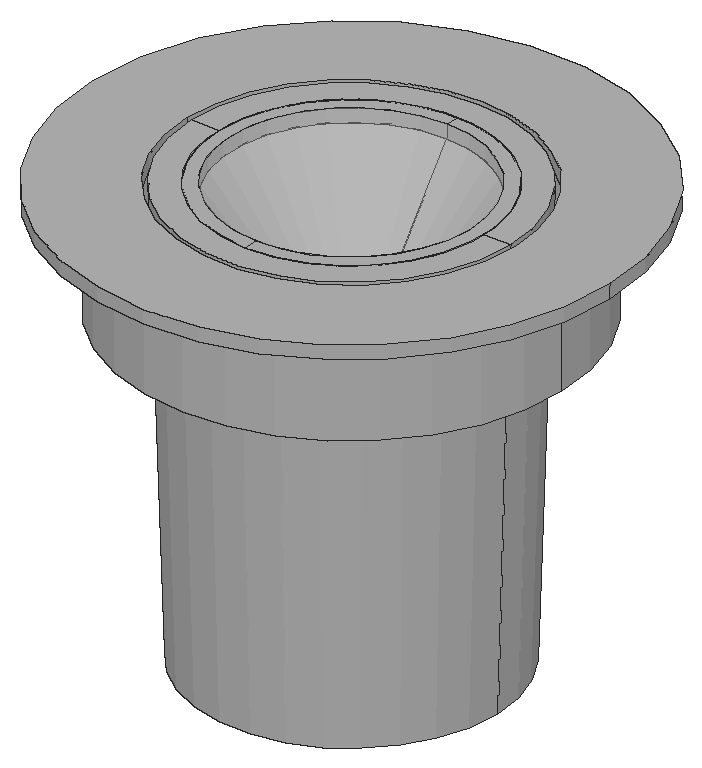
Revit family "3079452 Feilo Sylvania Lighting Fixture INST ECO KIT LED ADJ BA WW DIMMABLE", category Lighting Fixtures, host Face, Revit 2017
Family settings
  Host = Face
  Round Connector Dimension = Use Diameter
  Part Type = Normal
  OmniClass Number = 23.80.70.11.17
  OmniClass Title = Specialized Lighting by Location or Use
  Cut with Voids When Loaded = No
  Light Source = No
  Shared = No
  Room Calculation Point = No
Parameters (values of type "3079452 INST ECO KIT LED ADJ BA WW DIMMABLE")
  Weight = "7.04 kg"
  WarrantyStartDate [instance] = "n/a"
  WarrantyGuarantorParts = "n/a"
  WarrantyDurationUnit = "n/a"
  WarrantyDurationParts = "n/a"
  WarrantyDescription = "n/a"
  Voltage = 230 V
  URL = "http://www.sylvania-lighting.com"
  TypeName = "INST ECO KIT LED ADJ BA WW DIMMABLE"
  TypeHead_FEILO = Rotateable Head : 3079452 INST ECO KIT LED ADJ BA WW DIMMABLE
  SerialNumber [instance] = "n/a"
  PowerFactor = 0
  PowerConsumption = "10 W"
  NominalWidth = 0.0 mm
  NominalLength = 78.0 mm
  NominalHeight = 62.0 mm
  Name = "INST ECO KIT LED ADJ BA WW DIMMABLE"
  ModelReference = "INST ECO KIT LED ADJ BA WW DIMMABLE"
  ModelNumber = "3079452"
  Material_1_FEILO = Aluminum_Sylvania_Instar Eco Kit Adjustable SunDim_Bright
  RecessedDepth_FEILO = Height_FEILO + 38.0 mm  # 100.0 mm
  Material = "aluminium housing, plastic diffuser"
  ManufacturerName = "Feilo Sylvania"
  LuminousEfficacy = "46.2 lm/W"
  LuminaireType = ""
  LightOutputRatio = "100"
  LampsType = Lamp  # "LED"
  LampNominalLuminous = "462 lm"
  LampMacAdamStep = "n/a"
  LampColourTemperature = "3000 K"
  LampColourRenderingIndex = "83"
  Keynote = "16500"
  InstallationDate [instance] = "n/a"
  InputVoltage = "220-240V~"
  InputNominalFrequency = "n/a"
  IngressProtection = "IP23"
  ImpactProtectionIndex = "IK02"
  IfcExportType = "IfcLightFixtureType"
  IfcExportAs = "IfcLightFixtureType"
  HeadRadius_FEILO = HeadDiameter_FEILO / 2  # 24.0 mm
  HeadDiameter_FEILO = AccessoryInnerDiameter_FEILO - 1.5 mm  # 48.0 mm
  ExpectedLife = 50000
  EndAngle_FEILO [instance] = FixtureTiltAngle_FEILO + 180.00°  # 180.00°
  ElectricShockClassification = "Class II"
  DurationUnit = "hours"
  DocumentationLiterature = "http://www.sylvania-lighting.com/product/en-int/products/3079452"
  DimmingControlOptions = "Dimmable"
  CreatedOn = "2/19/2018"
  CreatedBy = ""
  BarCode [instance] = "n/a"
  AssetType = "Fixed"
  AssetIdentifier [instance] = "n/a"
  AccessoryBodyOuterDiameter_FEILO = AccessoryInnerDiameter_FEILO + 14.0 mm  # 63.5 mm
  Offset_FEILO = -5.3 mm  # constant formula
  Diameter_FEILO = AccessoryOuterDiameter_FEILO  # 78.0 mm
  AccessoryInnerDiameter_FEILO = 49.5 mm
  Height_FEILO = 62.0 mm
  FixtureTiltAngle_FEILO [instance] = 0.00°
  CutoutDiameter_FEILO = Diameter_FEILO - 10.0 mm  # 68.0 mm
  Material_2_FEILO = Aluminum_Sylvania_Instar Eco Kit Adjustable SunDim_White
  Material_3_FEILO = Aluminum_Sylvania_Instar Eco Kit Adjustable SunDim_Brushed
  built-in parameter 1114216 [instance] = 1 (stored number, unit not read)
  Model = "INST ECO KIT LED ADJ BA WW DIMMABLE"
  Manufacturer = "Feilo Sylvania"  # constant formula
  Lamp = "LED"
  Material_4_FEILO = Glass_Sylvania_Instar Eco Kit Adjustable SunDim_Clear
  Description = "Utilsing SunDim technology to acheive warmer colour temperature as the fitting is dimmed. Incredible colour quality with 92  to 94 CRI. 12W LED white downlight. Ideal for hospitality accent and display lighting applications such as bathrooms, wellness areas, terraces or porches. Choice of fixed, adjustable and dimmable fixed versions. Comes complete and ready to install with its driver. Available in white and brushed aluminium finishes. Outstanding performace, up to 545lm - at 3,000K. A small 68mm round cut out is required, giving the ability to place your light source almost anywhere due to a shallow luminaire depth of 49.9mm. Quick and easy to install. No UV or IR radiations. LED technology provides energy efficient solution and reduced maintenance costs"  # constant formula
  Default Elevation = 0.0 mm
  built-in parameter 1140040 [instance] = 1
  Assembly Code = "D5020200"
  Apparent Load = 10 VA
  AccessoryBodyInnerDiameter_FEILO = 60.0 mm
  AccessoryOuterDiameter_FEILO = AccessoryBodyInnerDiameter_FEILO + 18.0 mm  # 78.0 mm
Reference planes
  plane 1 "Center (Front/Back)": y = 0
  plane 2: z = 0
  plane 3 "Center (Left/Right)": x = 0
  plane 4 "Fixture Bottom": z = 2
  plane 5 "Accessory Top": z = -15
  plane 6 "Rotation Plane": z = -5.29
  plane 7: y = 5
  plane 8: y = -5
  plane 9: x = -5
Forms (mm)
  Extrusion 1, void
    sketch origin (0, 0, 58) x (-1, 0, 0) y (0, -1, 0)
      loop
        circle (0, 0) r 34
    from -376.952 to -56
  Extrusion 2, solid, material "Aluminum_Sylvania_Instar Eco Kit Adjustable SunDim_Brushed" <- "Material_3_FEILO"
    sketch origin (0, 0, 58) x (-1, 0, 0) y (0, -1, 0)
      loop
        circle (0, 0) r 39
      loop
        circle (0, 0) r 24.75
    from -58 to -56
  Extrusion 3, solid, material "Aluminum_Sylvania_Instar Eco Kit Adjustable SunDim_Brushed" <- "Material_3_FEILO"
    sketch origin (0, 0, 58) x (-1, 0, 0) y (0, -1, 0)
      loop
        circle (0, 0) r 30
      loop
        circle (0, 0) r 31.75
    from -73 to -58
  Revolve 4, solid, not visible
    sketch origin (1.164, -4572, -5.29) x (-1, 0, 0) y (0, -1, 0)
      loop
        line (1.164, -4577) -> (6.164, -4577) -> (6.164, -4567) -> (1.164, -4567) -> (1.164, -4577)
      axis (1.164, -4577) -> (1.164, -4567)
    angle from 0 <- "FixtureTiltAngle_FEILO" to 180 <- "EndAngle_FEILO"
Cuts and joins
  joined: Extrusion 2, Extrusion 3
Dimensions and locks
  locked: plane 4 "Fixture Bottom" to plane 2 at 2
  locked: plane 2 to plane 5 "Accessory Top" at 15
  locked: plane 2 to plane 6 "Rotation Plane" at 5.29
  plane 8 to plane 1 "Center (Front/Back)" to plane 7 = 5.0 mm locked, 5.0 mm locked
  locked: plane 9 to plane 3 "Center (Left/Right)" at 5
  "AccessoryOuterDiameter_FEILO": diameter of Extrusion 2 sketch curve
  "AccessoryInnerDiameter_FEILO": diameter of Extrusion 2 sketch curve
  "AccessoryBodyOuterDiameter_FEILO": diameter of Extrusion 3 sketch curve
  "AccessoryBodyInnerDiameter_FEILO": diameter of Extrusion 3 sketch curve
  "CutoutDiameter_FEILO": diameter of Extrusion 1 sketch curve
  aligned and locked: plane 2 to host face
  aligned and locked: level to host face
  aligned and locked: Extrusion 2 to plane 2
  aligned and locked: plane 4 "Fixture Bottom" to Extrusion 2
  aligned and locked: plane 2 to Extrusion 3
  aligned and locked: Extrusion 3 to plane 5 "Accessory Top"
  aligned and locked: plane 4 "Fixture Bottom" to Extrusion 1
  aligned and locked: plane 3 "Center (Left/Right)" to Revolve 4 sketch curve
  aligned and locked: Revolve 4 sketch curve to plane 3 "Center (Left/Right)"
  aligned and locked: nested 1 to Revolve 4
  aligned and locked: nested 1 to plane 1 "Center (Front/Back)"
  aligned and locked: plane 8 to Revolve 4 sketch curve
  aligned and locked: Revolve 4 sketch curve to plane 7
  aligned and locked: Revolve 4 sketch curve to plane 9
Automatic sketch dimensions
  host sketch curve to host sketch curve = 345.0 mm
  host sketch curve to host sketch curve = 280.0 mm
  Revolve 4 sketch curve to plane 3 "Center (Left/Right)" = 0.0 mm  (x2)
  Revolve 4 sketch curve to plane 7 = 806.717 mm
  plane 8 to Revolve 4 sketch curve = 758.171 mm
  plane 1 "Center (Front/Back)" to Extrusion 1 sketch curve = 0.0 mm
  Extrusion 1 sketch curve to plane 3 "Center (Left/Right)" = 0.0 mm
  Extrusion 2 sketch curve to Extrusion 2 sketch curve = 0.0 mm  (x2)
  plane 1 "Center (Front/Back)" to Extrusion 2 sketch curve = 0.0 mm
  Extrusion 2 sketch curve to plane 3 "Center (Left/Right)" = 0.0 mm
  Extrusion 3 sketch curve to Extrusion 3 sketch curve = 0.0 mm  (x2)
  plane 1 "Center (Front/Back)" to Extrusion 3 sketch curve = 0.0 mm
  Extrusion 3 sketch curve to plane 3 "Center (Left/Right)" = 0.0 mm
Nested families
  nested 1: "Rotateable Head" at (0, -1.973, 0.01) x (1, 0, 0) z (0, 0, -1), type <- "TypeHead_FEILO", type "3079452 INST ECO KIT LED ADJ BA WW DIMMABLE"
Definition of nested family "Rotateable Head"
  Parameters (values of type "3079456 INST ECO KIT LED ADJ BA 2.7K DIMMABLE")
    Wattage = 10 W
    built-in parameter 1150110 = 1 (stored number, unit not read)
    URL = "http://www.feilosylvania.com"
    built-in parameter 1114217 = 1 (stored number, unit not read)
    Tilt Angle = 90.00°
    built-in parameter 1150109 = 1 (stored number, unit not read)
    built-in parameter 1150134 = (empty or 0)
    built-in parameter 1150113 = 1 (stored number, unit not read)
    Model = "INST ECO KIT LED ADJ BA 2.7K DIMMABLE"
    Material_1_FEILO = none
    Photometric Web File = "3079456.ies"
    Outer Radius = 24.0 mm
    Manufacturer = "Feilo Sylvania"
    built-in parameter 1150105 = 854.9 (stored number, unit not read)
    Lumens = 450 lm
    built-in parameter 1150115 = 1 (stored number, unit not read)
    built-in parameter 1150137 = (empty or 0)
    built-in parameter 1150139 = (empty or 0)
    built-in parameter 1150112 = 1 (stored number, unit not read)
    built-in parameter 1150114 = 1 (stored number, unit not read)
    Lamp = "LED"
    Keynote = "16500"
    Inner Radius = Outer Radius - 4.0 mm  # 20.0 mm
    built-in parameter 1150132 = 2
    built-in parameter 1150102 = (empty or 0)
    built-in parameter 1150107 = 2700 (stored number, unit not read)
    built-in parameter 1150138 = (empty or 0)
    built-in parameter 1150106 = 8.549 (stored number, unit not read)
    Height = 62.0 mm
    Emit from Circle Diameter = Diffuser Radius * 2  # 36.0 mm
    Emit Shape Visible in Rendering = no
    built-in parameter 1150104 = 4.1806 (stored number, unit not read)
    Dimming Lamp Color Temperature Shift = (empty or 0)
    Diffuser Radius = Outer Radius - 6.0 mm  # 18.0 mm
    Material_2_FEILO = none
    Description = "25° tiltable, IP23 Accent downlight perfect for 50W Halogen retrofits. Optimal solution in size and luminous efficiency for hospitality and accent and display lighting applications with a 36° beam and 450 lumen output. The downlight provides 2700K CCT and also comes including a dimmable driver."
    Default Elevation = 0.0 mm
    Color Filter = 16777215
    Material_3_FEILO = none
    built-in parameter 1114218 = 1 (stored number, unit not read)
    built-in parameter 1150133 = 10 (stored number, unit not read)
    Assembly Code = "D5020200"
    Apparent Load = 10 VA
  Types (12, lengths in mm): name | built-in parameter 1150134 | Model | Photometric Web File | built-in parameter 1150105 | Lumens | built-in parameter 1150107 | built-in parameter 1150106 | built-in parameter 1150104 | Description
    3079456 INST ECO KIT LED ADJ BA 2.7K DIMMABLE | (empty or 0) | "INST ECO KIT LED ADJ BA 2.7K DIMMABLE" | "3079456.ies" | 854.9 (stored number, unit not read) | 450 lm | 2700 (stored number, unit not read) | 8.549 (stored number, unit not read) | 4.1806 (stored number, unit not read) | "25° tiltable, IP23 Accent downlight perfect for 50W Halogen retrofits. Optimal solution in size and luminous efficiency for hospitality and accent and display lighting applications with a 36° beam and 450 lumen output. The downlight provides 2700K CCT and also comes including a dimmable driver."
    3079455 INST ECO KIT LED ADJ WH 2.7K DIMMABLE | (empty or 0) | "INST ECO KIT LED ADJ WH 2.7K DIMMABLE" | "3079455.ies" | 854.9 (stored number, unit not read) | 450 lm | 2700 (stored number, unit not read) | 8.549 (stored number, unit not read) | 4.1806 (stored number, unit not read) | "25° tiltable, IP23 Accent downlight perfect for 50W Halogen retrofits. Optimal solution in size and luminous efficiency for hospitality and accent and display lighting applications with a 36° beam and 450 lumen output. The downlight provides 2700K CCT and also comes including a dimmable driver."
    3079454 INST ECO KIT LED ADJ BA NW DIMMABLE | 12 | "INST ECO KIT LED ADJ BA NW DIMMABLE" | "3079454.ies" | 981.6 (stored number, unit not read) | 515 lm | 4000 (stored number, unit not read) | 9.816 (stored number, unit not read) | 4.7845 (stored number, unit not read) | "25° tiltable, IP23 Accent downlight perfect for 50W Halogen retrofits. Optimal solution in size and luminous efficiency for hospitality and accent and display lighting applications with a 36° beam and 515 lumen output. The downlight provides 4000K CCT and also comes including a dimmable driver."
    3079453 INST ECO KIT LED ADJ WH NW DIMMABLE | 12 | "INST ECO KIT LED ADJ WH NW DIMMABLE" | "3079453.ies" | 981.6 (stored number, unit not read) | 515 lm | 4000 (stored number, unit not read) | 9.816 (stored number, unit not read) | 4.7845 (stored number, unit not read) | "25° tiltable, IP23 Accent downlight perfect for 50W Halogen retrofits. Optimal solution in size and luminous efficiency for hospitality and accent and display lighting applications with a 36° beam and 515 lumen output. The downlight provides 4000K CCT and also comes including a dimmable driver."
    3079452 INST ECO KIT LED ADJ BA WW DIMMABLE | (empty or 0) | "INST ECO KIT LED ADJ BA WW DIMMABLE" | "3079452.ies" | 846.87 (stored number, unit not read) | 462 lm | 3000 (stored number, unit not read) | 8.4687 (stored number, unit not read) | 4.2921 (stored number, unit not read) | "25° tiltable, IP23 Accent downlight perfect for 50W Halogen retrofits. Optimal solution in size and luminous efficiency for hospitality and accent and display lighting applications with a 36° beam and 462 lumen output. The downlight provides 3000K CCT and also comes including a dimmable driver."
    3079451 INST ECO KIT LED ADJ WH WW DIMMABLE | (empty or 0) | "INST ECO KIT LED ADJ WH WW DIMMABLE" | "3079451.ies" | 846.87 (stored number, unit not read) | 462 lm | 3000 (stored number, unit not read) | 8.4687 (stored number, unit not read) | 4.2921 (stored number, unit not read) | "25° tiltable, IP23 Accent downlight perfect for 50W Halogen retrofits. Optimal solution in size and luminous efficiency for hospitality and accent and display lighting applications with a 36° beam and 462 lumen output. The downlight provides 3000K CCT and also comes including a dimmable driver."
    3079356 INST ECO KIT LED ADJ BA 2700K | (empty or 0) | "INST ECO KIT LED ADJ BA 2700K" | "3079356.ies" | 854.9 (stored number, unit not read) | 450 lm | 2700 (stored number, unit not read) | 8.549 (stored number, unit not read) | 4.1806 (stored number, unit not read) | "25° tiltable, IP23 Accent downlight perfect for 50W Halogen retrofits. Optimal solution in size and luminous efficiency for hospitality and accent and display lighting applications with a 36° beam and 450 lumen output. The downlight provides 2700K CCT and also comes including a non dimmable driver."
    3079355 INST ECO KIT LED ADJ WH 2700K | (empty or 0) | "INST ECO KIT LED ADJ WH 2700K" | "3079355.ies" | 854.9 (stored number, unit not read) | 450 lm | 2700 (stored number, unit not read) | 8.549 (stored number, unit not read) | 4.1806 (stored number, unit not read) | "25° tiltable, IP23 Accent downlight perfect for 50W Halogen retrofits. Optimal solution in size and luminous efficiency for hospitality and accent and display lighting applications with a 36° beam and 450 lumen output. The downlight provides 2700K CCT and also comes including a non dimmable driver."
    3079354 INST ECO KIT LED ADJ BA 36° NW | 12 | "INST ECO KIT LED ADJ BA 36° NW" | "3079354.ies" | 981.6 (stored number, unit not read) | 515 lm | 4000 (stored number, unit not read) | 9.816 (stored number, unit not read) | 4.7845 (stored number, unit not read) | "25° tiltable, IP23 Accent downlight perfect for 50W Halogen retrofits. Optimal solution in size and luminous efficiency for hospitality and accent and display lighting applications with a 36° beam and 515 lumen output. The downlight provides 4000K CCT and also comes including a non dimmable driver."
    3079353 INST ECO KIT LED ADJ WH 36° NW | 12 | "INST ECO KIT LED ADJ WH 36° NW" | "3079353.ies" | 981.6 (stored number, unit not read) | 515 lm | 4000 (stored number, unit not read) | 9.816 (stored number, unit not read) | 4.7845 (stored number, unit not read) | "25° tiltable, IP23 Accent downlight perfect for 50W Halogen retrofits. Optimal solution in size and luminous efficiency for hospitality and accent and display lighting applications with a 36° beam and 515 lumen output. The downlight provides 4000K CCT and also comes including a non dimmable driver."
    3079352 INST ECO KIT LED ADJ BA 36° WW | (empty or 0) | "INST ECO KIT LED ADJ BA 36° WW" | "3079352.ies" | 846.87 (stored number, unit not read) | 462 lm | 3000 (stored number, unit not read) | 8.4687 (stored number, unit not read) | 4.2921 (stored number, unit not read) | "25° tiltable, IP23 Accent downlight perfect for 50W Halogen retrofits. Optimal solution in size and luminous efficiency for hospitality and accent and display lighting applications with a 36° beam and 462 lumen output. The downlight provides 3000K CCT and also comes including a non dimmable driver."
    3079351 INST ECO KIT LED ADJ WH 36° WW | (empty or 0) | "INST ECO KIT LED ADJ WH 36° WW" | "3079351.ies" | 846.87 (stored number, unit not read) | 462 lm | 3000 (stored number, unit not read) | 8.4687 (stored number, unit not read) | 4.2921 (stored number, unit not read) | "25° tiltable, IP23 Accent downlight perfect for 50W Halogen retrofits. Optimal solution in size and luminous efficiency for hospitality and accent and display lighting applications with a 36° beam and 462 lumen output. The downlight provides 3000K CCT and also comes including a non dimmable driver."
  Reference planes
    plane 1 "Center (Front/Back)": y = -1.973
    plane 2: z = 0
    plane 3 "Center (Left/Right)": x = 0
    plane 4: z = -2
    plane 5: z = 62
    plane 6: z = 58
    plane 7: z = 5.3
  Forms (mm)
    Revolve 1, solid, material <- "Material_1_FEILO", detail levels fine
      sketch origin (0, 0, 0) x (0, 1, 0) y (0, 0, 1)
        loop
          line (18.027, -2) -> (17.433, 17) -> (-1.973, 17) -> (-1.973, 15) -> (5.129, 15) -> (16.027, 0) -> (16.027, -2) -> (18.027, -2)
        axis (-1.973, 17) -> (-1.973, -2)
      angle from 0 to 360
    Extrusion 2, solid, material <- "Material_2_FEILO", detail levels fine
      sketch origin (0, 0, 0) x (1, 0, 0) y (0, 1, 0)
        loop
          circle (0, -1.973) r 18
      from -2 to 0
    Revolve 3, solid, material <- "Material_3_FEILO", detail levels fine
      sketch origin (0, -1.973, 0) x (1, 0, 0) y (0, 0, 1)
        loop
          line (-24, -2) -> (-20, -2) -> (-18.125, 58) -> (0, 58) -> (0, 62) -> (-22, 62) -> (-24, -2)
        axis (0, 62) -> (0, -2)
      angle from 0 to 360
    Revolve 4, solid, material <- "Material_3_FEILO", detail levels coarse+medium
      sketch origin (0, -1.973, 0) x (1, 0, 0) y (0, 0, 1)
        loop
          line (-24, -2) -> (0, -2) -> (0, 62) -> (-22, 62) -> (-24, -2)
        axis (0, 62) -> (0, -2)
      angle from 0 to 360
  Dimensions and locks
    "Outer Radius": plane 3 "Center (Left/Right)" to Revolve 3 sketch curve
    locked: Revolve 3 sketch curve to Revolve 3 sketch curve at 4
    locked: Revolve 3 sketch curve to Revolve 3 sketch curve at 3.998
    "Inner Radius": Revolve 1 sketch curve to plane 1 "Center (Front/Back)"
    locked: Revolve 1 sketch curve to Revolve 1 sketch curve at 2
    locked: plane 7 to plane 2 at 5.3
    "Outer Radius": imposter light to Revolve 4 sketch curve
    locked: level to plane 4 at 2
    locked: plane 5 to plane 6 at 4
    "Height": plane 5 to level
    "Diffuser Radius": radius of Extrusion 2 sketch curve
    aligned and locked: level to plane 2
    aligned and locked: Revolve 1 sketch curve to plane 4
    aligned and locked: plane 1 "Center (Front/Back)" to Revolve 1 sketch curve
    aligned and locked: Revolve 1 sketch curve to plane 1 "Center (Front/Back)"
    aligned and locked: plane 4 to Revolve 1 sketch curve
    aligned and locked: plane 2 to Revolve 1 sketch curve
    aligned and locked: Revolve 1 sketch curve to Revolve 1 sketch curve
    aligned and locked: Extrusion 2 to plane 4
    aligned and locked: plane 2 to Extrusion 2
    aligned and locked: Revolve 3 sketch curve to plane 5
    aligned and locked: Revolve 3 sketch curve to plane 6
    aligned and locked: Revolve 3 sketch curve to plane 3 "Center (Left/Right)"  (x2)
    aligned and locked: plane 3 "Center (Left/Right)" to imposter light
    aligned and locked: plane 1 "Center (Front/Back)" to imposter light
    aligned and locked: plane 4 to imposter light
    aligned and locked: Revolve 4 sketch curve to plane 5
    aligned and locked: Revolve 4 sketch curve to plane 4
    aligned and locked: Revolve 4 sketch curve to plane 3 "Center (Left/Right)"
  Automatic sketch dimensions
    Revolve 1 sketch curve to plane 1 "Center (Front/Back)" = 7.102 mm
    Revolve 1 sketch curve to Revolve 1 sketch curve = 12.304 mm
    Revolve 1 sketch curve to plane 7 = 9.7 mm
    Revolve 1 sketch curve to Revolve 1 sketch curve = 2.0 mm
    Revolve 1 sketch curve to plane 4 = 14.644 mm
    Revolve 1 sketch curve to Revolve 1 sketch curve = 17.617 mm
    plane 1 "Center (Front/Back)" to Extrusion 2 sketch curve = 0.0 mm
    Extrusion 2 sketch curve to plane 3 "Center (Left/Right)" = 0.0 mm
    Revolve 3 sketch curve to plane 4 = 0.0 mm
    Revolve 3 sketch curve to plane 4 = 30.928 mm
    Revolve 3 sketch curve to Revolve 3 sketch curve = 20.072 mm
    Revolve 4 sketch curve to plane 3 "Center (Left/Right)" = 0.0 mm
    Revolve 4 sketch curve to plane 3 "Center (Left/Right)" = 22.0 mm
    Revolve 4 sketch curve to Revolve 4 sketch curve = 30.928 mm
    Revolve 4 sketch curve to Revolve 4 sketch curve = 20.072 mm
